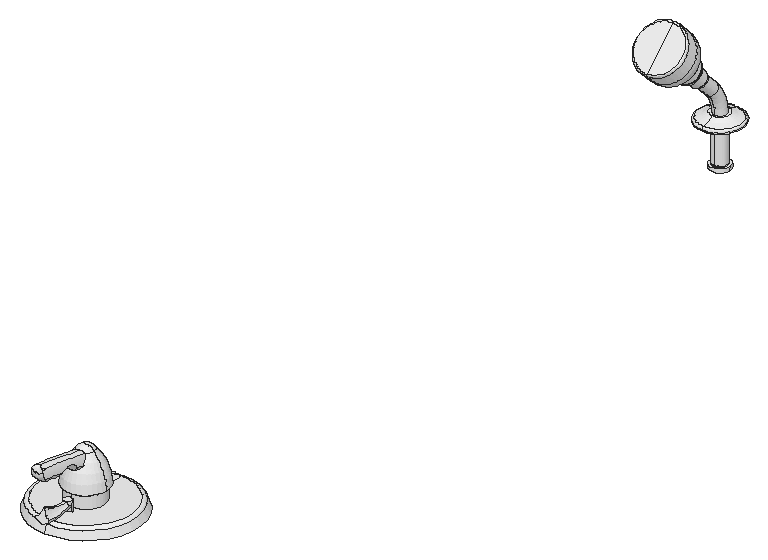
Revit family "S-9601-PLR-TRM", category Plumbing Fixtures, host Face, Revit 2019
Family settings
  Host = Face
  Round Connector Dimension = Use Diameter
  Part Type = Normal
  OmniClass Number = 23.65.70.11.11
  OmniClass Title = Fixtures for Liquids
  Cut with Voids When Loaded = No
  Shared = No
  Room Calculation Point = No
Parameters (values of type "1.2 GPM Flow Restrictor, Chrome")
  z Wide Lever = 0
  z Visibility = no
  z Valve = M Valve&diverter : Chrome
  z Type Model = 0
  z Type GPM = 0
  z Type Finish = 0
  z Type = 0
  z Slip On Tub = 0
  z Showerhead = shower head : Chrome
  z Reverse Core = 0
  z Pipe Radius = 0.000"
  z Overall Width = 0.000"
  z Overall Height = 0.000"
  z Overall Depth = 0.000"
  z Offset = 0.000"
  z Integral Service Stops = 0
  z Has Wide Lever Handle = no
  z Has Volume Control = no
  z Has Trim = no
  z Has Slip On Tub Spout = no
  z Has Showerhead = no
  z Has Reverse Core = no
  z Has Rebuild Kit Trim Only = no
  z Has Integral Service Stops = no
  z Has Check Stops = no
  z Has 2.0 GPM Flow Restrictor = no
  z Has 1.5 GPM Flow Restrictor = no
  z Has .5 Inch Female Connections = no
  z GPM Number = 0
  z GPM GPM = 0.000 GPM
  z Flow Rate = 0
  z Error Box Width = 0.000"
  z Error Box Height = 0.000"
  z Error Box Depth = 0.000"
  z .5 Inch Female Connections = 0
  z  Showerhead = 0
  Waste Connection = no
  Vent Connection = no
  URL = ""
  Product Material = Chrome - Symmons - Polished
  Model = ""
  Manufacturer = ""
  HW Connection = no
  Gallons Per Minute = 0.000 GPM
  Description = ""
  Default Elevation = 0.000"
  Date Modified = ""
  Date Created = ""
  CW Connection = no
Types (8): name | z Visibility | z Has Wide Lever Handle | z Has Volume Control | z Has Slip On Tub Spout | z Has Showerhead | z Has Reverse Core | z Has Integral Service Stops | z Has Check Stops | z Has 2.0 GPM Flow Restrictor | z Has 1.5 GPM Flow Restrictor | z Has .5 Inch Female Connections | Product Material | Gallons Per Minute
  1.2 GPM Flow Restrictor, Chrome | no | no | no | no | no | no | no | no | no | no | no | Chrome - Symmons - Polished | 0.000 GPM
  1.2 GPM Flow Restrictor, Satin Nickel | yes | yes | yes | yes | yes | yes | yes | yes | yes | yes | yes | Nickel - Symmons - Satin | 1.200 GPM
  1.5 GPM Flow Restrictor, Satin Nickel | yes | yes | yes | yes | yes | yes | yes | yes | yes | yes | yes | Nickel - Symmons - Satin | 1.500 GPM
  1.75 GPM Flow Restrictor, Satin Nickel | yes | yes | yes | yes | yes | yes | yes | yes | yes | yes | yes | Nickel - Symmons - Satin | 1.750 GPM
  2.0 GPM Flow Restrictor, Satin Nickel | yes | yes | yes | yes | yes | yes | yes | yes | yes | yes | yes | Nickel - Symmons - Satin | 0.000 GPM
  1.5 GPM Flow Restrictor, Chrome | yes | yes | yes | yes | yes | yes | yes | yes | yes | yes | yes | Chrome - Symmons - Polished | 1.500 GPM
  1.75 GPM Flow Restrictor, Chrome | yes | yes | yes | yes | yes | yes | yes | yes | yes | yes | yes | Chrome - Symmons - Polished | 1.750 GPM
  2.0 GPM Flow Restrictor, Chrome | yes | yes | yes | yes | yes | yes | yes | yes | yes | yes | yes | Chrome - Symmons - Polished | 2.000 GPM
Reference planes (in)
  plane 1 "Center (Front/Back)": y = 0
  plane 2 "Center (Elevation)": z = 0
  plane 3 "Center (Left/Right)": x = 0
  plane 4: x = -3.75
  plane 5: y = 28.5
  plane 6: x = 3.75
  plane 7: z = 0
  plane 8: z = 9.325
  plane 9: y = -12
  plane 10: y = 45
  plane 11: z = 0
Dimensions and locks (in)
  equal spacing: plane 4, plane 3 "Center (Left/Right)", plane 6
  plane 4 to plane 6 = 7.500"
  plane 5 to plane 1 "Center (Front/Back)" = 28.500"
  plane 7 to plane 2 "Center (Elevation)" = 0.000"
  plane 8 to plane 7 = 9.325"
  locked: plane 1 "Center (Front/Back)" to plane 9 at 12
  locked: plane 10 to plane 1 "Center (Front/Back)" at 45
  plane 11 to plane 7 = 0.000"
  plane 10 to plane 9 = 57.000"
  aligned and locked: plane 2 "Center (Elevation)" to host face
  aligned and locked: level to host face
Automatic sketch dimensions
  host sketch curve to host sketch curve = 7.44425"
  host sketch curve to host sketch curve = 60.71207"
Nested families (in)
  nested 1: "shower head" at (0, 44.98453, 0), type "Chrome"
    with z Pipe Radius 0.250", z Overall Width 2.500", z Overall Height 2.500", z Overall Depth 7.500", z Offset 1.000", Part Number "", Part Description "Single Mode Showerhead, 2.0 Flow Rate Restrictor, Chrome", Equipment Number ""
  nested 2: "M Valve&diverter" at (-0.00649, 0.06617, 0), type "Satin Nickel"
    with zz Length 9 4.000", zz Length 10 0.100", Part Number "3500-CYL-B", Part Description "Shower Valve System with Symmons Temptrol mixing valve,Chrome", Equipment Number ""
Connectors (in)
  piping at (0, 44.98453, -2.375), diameter 0.5
    settings: on nested 1, index 3, connector inside diameter 24", connector length 0.000", flow factor 0, pipe flow 0.000 GPM, pressure drop 0.00 psi, fitting loss kfactor 0, connector angle 0.000°, fixture units 0, engagement length 0.000", angle of deflection 0.000°, flow configuration 0, flow direction 1, fitting loss method 0, system type 29, joint type 0, gender type 0, connector reference index -1, connector utility 0, adjustable connector no, is connector primary yes, connector description "Shower Head Supply"
Definition of nested family "shower head"
  Parameters (values of type "Chrome")
    z Type GPM = 0
    z Type Flow Restrictor = 0
    z Type Finish = 0
    z Pipe Radius [instance] = 0.000"
    z Overall Width [instance] = 2.500"
    z Overall Height [instance] = 2.500"
    z Overall Depth [instance] = 7.500"
    z Offset [instance] = 1.000"
    z GPM Number = 0
    z GPM GPM = 0.000 GPM
    URL = ""
    Product Page URL = ""
    Product Material = none
    Product Documentation Link = ""
    Part Number [instance] = ""
    Part Description [instance] = ""
    Model Disclaimer = ""
    Model = ""
    Manufacturer = ""
    Gallons Per Minute = 0.000 GPM
    Family Version = ""
    Equipment Number [instance] = ""
    Equipment Abbreviation = ""
    Description = ""
    Default Elevation = 0.000"
    Date Modified = ""
    Date Created = ""
    Copyright = ""
  Types (2): name | z Pipe Radius
    Chrome | 0.000"
    Satin Nickel | 0.250"
  Reference planes (in)
    plane 1 "Center (Front/Back)": y = 0
    plane 2 "Center (Elevation)": z = 0
    plane 3 "Center (Left/Right)": x = 0
    plane 4: x = -1.25
    plane 5: y = 1.25
    plane 6: y = -1.25
    plane 7: x = 1.25
    plane 8: z = -1
    plane 9: z = 6.5
    plane 10: z = 0
    plane 11: y = -0.5
    plane 12: z = 0.33234
    plane 13: z = 0.15
    plane 14: y = -0.5695
  Forms (in)
    Extrusion 1, solid
      sketch origin (0, 0, 0) x (1, 0, 0) y (0, 1, 0)
        loop
          line (-1.75, 1.5) -> (-1.75, -1.77927) -> (1.52741, -1.77927) -> (1.52741, 1.5) -> (-1.75, 1.5)
      from 0 to -0.35383
    Revolve 2, solid, material <- "Product Material"
      sketch origin (0, 0, 0) x (0, 1, 0) y (0, 0, 1)
        loop
          line (0, 0.43) -> (-0.531, 0.43)
          arc (-0.531, 0.43) -> (-0.83077, 0.27718) -> (-1.152, 0.17705) r 1.98967
          arc (-1.152, 0.17705) -> (-1.22247, 0.13328) -> (-1.25, 0.05503) r 0.12497
          line (-1.25, 0.05503) -> (-1.25, 0) -> (-0.40524, 0) -> (-0.40524, -2.0983) -> (-0.37019, -2.11854) -> (-0.40524, -2.1364) -> (-0.40524, -2.16734) -> (-0.37033, -2.1875) -> (0, -2.1875) -> (0, 0.43)
        axis (0, -2.1875) -> (0, 0.43)
      angle from 0 to 360
    Revolve 3, solid, material <- "Product Material"
      sketch origin (0, 0, 0) x (0, 1, 0) y (0, 0, 1)
        loop
          line (-1.44893, 2.69442) -> (-4.27736, 5.52285) -> (-5.19512, 4.60509)
          arc (-5.19512, 4.60509) -> (-5.20669, 4.53512) -> (-5.17463, 4.47185) r 0.11397
          line (-5.17463, 4.47185) -> (-4.60328, 3.9005)
          arc (-4.60328, 3.9005) -> (-4.06, 3.55859) -> (-3.42138, 3.49354) r 1.40724
          arc (-3.42138, 3.49354) -> (-3.29656, 3.50007) -> (-3.18333, 3.44713) r 0.25784
          arc (-3.18333, 3.44713) -> (-3.16288, 3.42915) -> (-3.13674, 3.43676) r 0.02828
          line (-3.13674, 3.43676) -> (-3.09845, 3.47505) -> (-3.07648, 3.45308) -> (-3.11506, 3.4145) -> (-3.11506, 3.38343) -> (-3.08249, 3.416) -> (-3.02529, 3.4439) -> (-3.05483, 3.38834) -> (-3.03131, 3.36481) -> (-2.98876, 3.40736) -> (-2.96619, 3.38479) -> (-3.04685, 3.30413) -> (-2.85198, 3.10926) -> (-2.68557, 3.27567) -> (-2.66164, 3.24392) -> (-2.68364, 3.22193) -> (-2.636, 3.17429) -> (-2.67763, 3.13266) -> (-2.65558, 3.11061) -> (-2.7474, 3.01878)
          arc (-2.7474, 3.01878) -> (-2.70574, 3.00152) -> (-2.66407, 3.01878) r 0.05892
          line (-2.66407, 3.01878) -> (-2.54206, 3.14079)
          arc (-2.54206, 3.14079) -> (-2.44086, 3.09588) -> (-2.33184, 3.07652) r 0.45876
          line (-2.33184, 3.07652) -> (-2.26301, 3.00769) -> (-2.32244, 2.90048) -> (-1.92136, 2.49939) -> (-1.87345, 2.54729) -> (-1.85127, 2.52511) -> (-1.80643, 2.53464) -> (-1.81792, 2.49176) -> (-1.79616, 2.47) -> (-1.75329, 2.48149) -> (-1.76477, 2.43861) -> (-1.73476, 2.4086) -> (-1.44893, 2.69442)
        axis (-1.44893, 2.69442) -> (-4.27736, 5.52285)
      angle from 0 to 360
    Sweep 4, solid, material <- "Product Material"
      path origin (0, 0, 0) x (0, 1, 0) y (0, 0, 1)
        loop
          line (-1.4794, 2.72506) -> (-0.65089, 1.89655)
          arc (-0.65089, 1.89655) -> (-0.1891, 1.22379) -> (0, 0.43) r 2.23181
      profile origin (0, -1.06515, 2.3108) x (0, 0.707107, 0.707107) y (1, 0, 0)
        loop
          circle (-0.00012, 0) r 0.35413
    Extrusion 5, solid, material <- "Product Material"
      sketch origin (0, 0, 0) x (1, 0, 0) y (0, 1, 0)
        loop
          circle (0, 0) r 0.40524
        loop
          circle (0, 0) r 0.54462
      from -2.375 to -2.1875
  Lines and regions (in)
    Masking region 1
      outline origin (0, 0, 0) x (1, 0, 0) y (0, 0, 1)
        loop
          line (-1.25, 0) -> (-0.5, 0) -> (-0.5, -1) -> (0.5, -1) -> (0.5, 0) -> (1.25, 0) -> (1.25, 0.14959) -> (0.5695, 0.33234) -> (0.5, 0.33234) -> (0.5, 6.26256)
          spline (0.5, 6.26256) -> (0.53792, 6.27801) -> (0.5732, 6.29456) -> (0.60567, 6.31211) -> (0.63516, 6.33059) -> (0.66153, 6.3499) -> (0.68465, 6.36995) -> (0.70441, 6.39063) -> (0.72072, 6.41185) -> (0.73348, 6.43351) -> (0.74264, 6.45549) -> (0.74816, 6.47769) -> (0.75, 6.5)
          line (0.75, 6.5) -> (0.75, 7.07479) -> (1.25, 7.36347) -> (1.49591, 7.60938) -> (1.49591, 8.60938)
          spline (1.49591, 8.60938) -> (1.44494, 8.76866) -> (1.2955, 8.91709) -> (1.05777, 9.04454) -> (0.74795, 9.14235) -> (0.38717, 9.20383) -> (0, 9.2248) -> (-0.38717, 9.20383) -> (-0.74795, 9.14235) -> (-1.05777, 9.04454) -> (-1.2955, 8.91709) -> (-1.44494, 8.76866) -> (-1.49591, 8.60938)
          line (-1.49591, 8.60938) -> (-1.49591, 7.60938) -> (-1.25, 7.36347) -> (-0.75, 7.07479) -> (-0.75, 6.5)
          spline (-0.75, 6.5) -> (-0.74816, 6.47769) -> (-0.74264, 6.45549) -> (-0.73348, 6.43351) -> (-0.72072, 6.41185) -> (-0.70441, 6.39063) -> (-0.68465, 6.36995) -> (-0.66153, 6.3499) -> (-0.63516, 6.33059) -> (-0.60567, 6.31211) -> (-0.5732, 6.29456) -> (-0.53792, 6.27801) -> (-0.5, 6.26256)
          line (-0.5, 6.26256) -> (-0.5, 0.33234) -> (-0.5695, 0.33234) -> (-1.25, 0.14959) -> (-1.25, 0)
    symbolic lines, detail levels fine
      curve 1: line (-0.5, 0, 0.33234) -> (0.5, 0, 0.33234)
      curve 2: line (-1.25, 0, 0.14959) -> (1.25, 0, 0.14959)
      curve 3: spline (-0.5, 0, 6.26256) -> (-0.67885, 0, 6.36457) -> (-0.74948, 0, 6.48818) -> (-0.70063, 0, 6.61367) -> (-0.54008, 0, 6.72104) -> (-0.29343, 0, 6.79317) -> (0, 0, 6.81857) -> (0.29343, 0, 6.79317) -> (0.54008, 0, 6.72104) -> (0.70063, 0, 6.61367) -> (0.74948, 0, 6.48818) -> (0.67885, 0, 6.36457) -> (0.5, 0, 6.26256)
      curve 4: spline (-1.49591, 1.25, 7.60938) -> (-1.44494, 1.25, 7.80085) -> (-1.2955, 1.25, 7.97927) -> (-1.05777, 1.25, 8.13249) -> (-0.74795, 1.25, 8.25006) -> (-0.38717, 1.25, 8.32397) -> (0, 1.25, 8.34917) -> (0.38717, 1.25, 8.32397) -> (0.74795, 1.25, 8.25006) -> (1.05777, 1.25, 8.13249) -> (1.2955, 1.25, 7.97927) -> (1.44494, 1.25, 7.80085) -> (1.49591, 1.25, 7.60938)
      curve 5: spline (-0.5, 1.25, 6.5) -> (-0.48296, 1.25, 6.55497) -> (-0.43301, 1.25, 6.60619) -> (-0.35355, 1.25, 6.65017) -> (-0.25, 1.25, 6.68392) -> (-0.12941, 1.25, 6.70514) -> (0, 1.25, 6.71238) -> (0.12941, 1.25, 6.70514) -> (0.25, 1.25, 6.68392) -> (0.35355, 1.25, 6.65017) -> (0.43301, 1.25, 6.60619) -> (0.48296, 1.25, 6.55497) -> (0.5, 1.25, 6.5)
      curve 6: line (-0.5, 1.25, 6.5) -> (-0.5, 1.25, 6.26256)
      curve 7: line (0.5, 1.25, 6.5) -> (0.5, 1.25, 6.26256)
  Dimensions and locks (in)
    equal spacing: plane 4, plane 3 "Center (Left/Right)", plane 7
    "z Overall Width": plane 4 to plane 7
    equal spacing: plane 5, plane 1 "Center (Front/Back)", plane 6
    "z Overall Height": plane 5 to plane 6
    "z Overall Depth": plane 9 to plane 8
    plane 12 to plane 13 to plane 10 to plane 8 = 0.18234" locked, 0.150" locked, 1.000" locked
    plane 6 to plane 14 to plane 11 = 0.6805" locked, 0.0695" locked
    "z Offset": plane 2 "Center (Elevation)" to plane 8
    Masking region 1 sketch curve to Masking region 1 sketch curve to Masking region 1 sketch curve to Masking region 1 sketch curve to Masking region 1 sketch curve to plane 3 "Center (Left/Right)" to Masking region 1 sketch curve to Masking region 1 sketch curve to Masking region 1 sketch curve to Masking region 1 sketch curve to Masking region 1 sketch curve = 0.74591" locked, 0.1805" locked, 0.0695" locked, 0.000" locked, 0.500" locked, 0.500" locked, 0.000" locked, 0.0695" locked, 0.1805" locked, 0.74591" locked
    Masking region 1 sketch curve to Masking region 1 sketch curve to plane 2 "Center (Elevation)" = 0.000" locked, 0.33234" locked
    locked: curve 2 to plane 8 at 1.14959
    equal spacing: curve 1, plane 3 "Center (Left/Right)", curve 1
    locked: curve 1 to curve 1 at 1
    locked: curve 1 to plane 8 at 1.33234
    equal spacing: curve 3, plane 3 "Center (Left/Right)", curve 3
    locked: curve 3 to curve 3 at 1
    locked: curve 4 to plane 9 at 1.10938
    equal spacing: curve 4, plane 3 "Center (Left/Right)", curve 4
    locked: curve 4 to curve 4 at 2.99182
    curve 4 to curve 4 to plane 9 = 0.000" locked, 1.10938" locked
    Masking region 1 sketch curve to plane 9 to Masking region 1 sketch curve to Masking region 1 sketch curve to Masking region 1 sketch curve = 0.000" locked, 0.000" locked, 0.23744" locked, 0.000" locked
    plane 9 to curve 6 to curve 7 = 0.23744" locked, 0.000" locked
    aligned and locked: plane 2 "Center (Elevation)" to Extrusion 1
    aligned and locked: level to Extrusion 1
    aligned and locked: Revolve 2 sketch curve to plane 1 "Center (Front/Back)"
    aligned and locked: Masking region 1 sketch curve to plane 8
    aligned and locked: Masking region 1 sketch curve to plane 2 "Center (Elevation)"  (x2)
    aligned and locked: plane 7 to curve 2
    aligned and locked: plane 4 to curve 2
    aligned and locked: plane 9 to Masking region 1 sketch curve  (x2)
    aligned and locked: plane 3 "Center (Left/Right)" to Masking region 1 sketch curve  (x2)
    aligned and locked: plane 9 to curve 5  (x2)
    aligned and locked: plane 3 "Center (Left/Right)" to curve 5
    aligned and locked: plane 9 to curve 6
  Automatic sketch dimensions
    Extrusion 1 sketch curve to Extrusion 1 sketch curve = 3.27741"
    Extrusion 1 sketch curve to Extrusion 1 sketch curve = 3.27927"
    Masking region 1 sketch curve to plane 4 = 0.000"  (x2)
    Masking region 1 sketch curve to plane 7 = 0.000"  (x2)
    Masking region 1 sketch curve to Masking region 1 sketch curve = 0.14959"  (x2)
    Masking region 1 sketch curve to Masking region 1 sketch curve = 0.57479"  (x2)
    Masking region 1 sketch curve to Masking region 1 sketch curve = 0.28868"  (x2)
    Masking region 1 sketch curve to Masking region 1 sketch curve = 0.24591"  (x2)
    Masking region 1 sketch curve to Masking region 1 sketch curve = 1.000"
    curve 3 to plane 9 = 0.000"
    curve 3 to plane 3 "Center (Left/Right)" = 0.000"
    curve 3 to curve 3 = 0.250"
    curve 5 to curve 5 = 0.500"
    curve 3 to plane 9 = 0.23744"
    Revolve 2 sketch curve to level = 0.000"
    Revolve 2 sketch curve to plane 6 = 0.000"
    Revolve 2 sketch curve to plane 1 "Center (Front/Back)" = 0.000"
    Revolve 2 sketch curve to plane 6 = 0.33133"
    level to Revolve 2 sketch curve = 0.05503"
    plane 6 to Revolve 2 sketch curve = 0.12497"
    Revolve 2 sketch curve to plane 11 = 0.031"
    plane 11 to Revolve 2 sketch curve = 0.09476"
    Revolve 2 sketch curve to Revolve 2 sketch curve = 0.000"
    Revolve 2 sketch curve to Revolve 2 sketch curve = 0.03491"
    Revolve 2 sketch curve to plane 8 = 1.0983"
    Revolve 2 sketch curve to Revolve 2 sketch curve = 0.02016"
    plane 12 to Revolve 2 sketch curve = 0.09766"
    plane 12 to Revolve 2 sketch curve = 1.78751"
    Revolve 2 sketch curve to Revolve 2 sketch curve = 0.03505"
    Revolve 2 sketch curve to Revolve 2 sketch curve = 0.02024"
    Revolve 2 sketch curve to Revolve 2 sketch curve = 0.03095"
    Revolve 2 sketch curve to Revolve 2 sketch curve = 21.8125"
    plane 9 to Revolve 2 sketch curve = 79.77586"
    Revolve 2 sketch curve to Revolve 2 sketch curve = 0.03809"
    Revolve 3 sketch curve to plane 9 = 1.89491"
    Revolve 3 sketch curve to plane 6 = 3.94512"
    Revolve 3 sketch curve to plane 9 = 2.02815"
    Revolve 3 sketch curve to Revolve 3 sketch curve = 0.02049"
    Revolve 3 sketch curve to Revolve 3 sketch curve = 0.10108"
    Revolve 3 sketch curve to Revolve 3 sketch curve = 0.57135"  (x2)
    Revolve 3 sketch curve to plane 9 = 0.97715"  (x2)
    Revolve 3 sketch curve to Revolve 3 sketch curve = 0.81669"
    Revolve 3 sketch curve to Revolve 3 sketch curve = 0.67551"
    Revolve 3 sketch curve to Revolve 3 sketch curve = 1.25738"
    Revolve 3 sketch curve to Revolve 3 sketch curve = 0.18916"
    Revolve 3 sketch curve to Revolve 3 sketch curve = 0.020"  (x2)
    Revolve 3 sketch curve to Revolve 3 sketch curve = 0.02168"
    Revolve 3 sketch curve to Revolve 3 sketch curve = 0.03829"
    Revolve 3 sketch curve to Revolve 3 sketch curve = 0.03257"
    Revolve 3 sketch curve to Revolve 3 sketch curve = 0.02197"
    Revolve 3 sketch curve to Revolve 3 sketch curve = 0.02766"
    Revolve 3 sketch curve to Revolve 3 sketch curve = 0.00798"
    Revolve 3 sketch curve to Revolve 3 sketch curve = 0.02353"
    Revolve 3 sketch curve to Revolve 3 sketch curve = 0.05118"
    Revolve 3 sketch curve to Revolve 3 sketch curve = 0.03653"  (x2)
    Revolve 3 sketch curve to Revolve 3 sketch curve = 0.02257"
    Revolve 3 sketch curve to Revolve 3 sketch curve = 0.19487"
    Revolve 3 sketch curve to Revolve 3 sketch curve = 0.10458"
    Revolve 3 sketch curve to Revolve 3 sketch curve = 0.04167"  (x3)
    Revolve 3 sketch curve to Revolve 3 sketch curve = 0.02017"
    Revolve 3 sketch curve to Revolve 3 sketch curve = 0.00193"
    Revolve 3 sketch curve to Revolve 3 sketch curve = 0.02811"
    Revolve 3 sketch curve to Revolve 3 sketch curve = 0.02199"
    Revolve 3 sketch curve to Revolve 3 sketch curve = 0.02205"
    Revolve 3 sketch curve to Revolve 3 sketch curve = 0.04163"
    Revolve 3 sketch curve to Revolve 3 sketch curve = 0.09394"
    Revolve 3 sketch curve to Revolve 3 sketch curve = 0.21022"
    Revolve 3 sketch curve to Revolve 3 sketch curve = 0.0094"
    Revolve 3 sketch curve to Revolve 3 sketch curve = 0.35491"
    Revolve 3 sketch curve to Revolve 3 sketch curve = 0.06883"  (x2)
    Revolve 3 sketch curve to Revolve 3 sketch curve = 0.40108"
    Revolve 3 sketch curve to Revolve 3 sketch curve = 0.0479"
    Revolve 3 sketch curve to Revolve 3 sketch curve = 0.02219"
    Revolve 3 sketch curve to Revolve 3 sketch curve = 0.03334"  (x2)
    Revolve 3 sketch curve to Revolve 3 sketch curve = 0.01149"  (x2)
    Revolve 3 sketch curve to Revolve 3 sketch curve = 0.02176"  (x2)
    Revolve 3 sketch curve to Revolve 3 sketch curve = 0.03139"  (x2)
    Revolve 3 sketch curve to Revolve 3 sketch curve = 0.04287"  (x2)
    Revolve 3 sketch curve to Revolve 3 sketch curve = 0.03002"
    Revolve 3 sketch curve to plane 6 = 0.19893"
    Revolve 3 sketch curve to Revolve 3 sketch curve = 0.00763"
    Revolve 3 sketch curve to Revolve 3 sketch curve = 0.10722"
    Revolve 3 sketch curve to Revolve 3 sketch curve = 0.1183"
    Revolve 3 sketch curve to Revolve 3 sketch curve = 0.09048"
    Revolve 3 sketch curve to Revolve 3 sketch curve = 0.05016"
    Revolve 3 sketch curve to Revolve 3 sketch curve = 0.0335"
    Revolve 3 sketch curve to Revolve 3 sketch curve = 0.13773"
    Revolve 3 sketch curve to Revolve 3 sketch curve = 0.03175"
    Revolve 3 sketch curve to Revolve 3 sketch curve = 0.00491"
    Revolve 3 sketch curve to Revolve 3 sketch curve = 0.03106"
    Revolve 3 sketch curve to Revolve 3 sketch curve = 0.0015"
    Revolve 3 sketch curve to Revolve 3 sketch curve = 0.02226"
    Revolve 3 sketch curve to Revolve 3 sketch curve = 0.63369"
    Revolve 3 sketch curve to Revolve 3 sketch curve = 0.000"  (x3)
    Revolve 3 sketch curve to Revolve 3 sketch curve = 0.07548"
    Sweep 4 sketch curve to plane 1 "Center (Front/Back)" = 0.000"
    level to Sweep 4 sketch curve = 0.31842"
    Sweep 4 sketch curve to plane 6 = 0.97902"
    plane 6 to Sweep 4 sketch curve = 0.59911"
    Sweep 4 sketch curve to plane 6 = 0.2294"
    level to Sweep 4 sketch curve = 0.430"
    Sweep 4 sketch curve to Sweep 4 sketch curve = 0.82851"
    Sweep 4 sketch curve to plane 3 "Center (Left/Right)" = 0.000"
    profile plane to Sweep 4 sketch curve = 0.00012"
    Sweep 4 sketch curve to Sweep 4 sketch curve = 0.35413"
    Extrusion 5 sketch curve to Extrusion 5 sketch curve = 0.000"  (x2)
    plane 1 "Center (Front/Back)" to Extrusion 5 sketch curve = 0.000"
    Extrusion 5 sketch curve to plane 3 "Center (Left/Right)" = 0.000"
    radius of Extrusion 5 sketch curve = 0.40524"
    radius of Extrusion 5 sketch curve = 0.54462"
  Connectors (in)
    piping at (0, 0, -2.375), diameter 1.08
      settings: on Extrusion 5, index 1, connector inside diameter 24", connector length 0.000", flow factor 0, pipe flow 0.000 GPM, pressure drop 0.00 psi, fitting loss kfactor 0, connector angle 0.000°, fixture units 0, engagement length 0.000", angle of deflection 0.000°, flow configuration 0, flow direction 0, fitting loss method 0, system type 7, joint type 0, gender type 0, connector reference index -1, connector utility 0, adjustable connector no, is connector primary yes, connector description ""
Definition of nested family "M Valve&diverter"
  Parameters (values of type "Satin Nickel")
    zz Text 2 = "None Selected"
    zz Text 1 = "None Selected"
    zz Length 9 [instance] = 4.000"
    zz Length 10 [instance] = 0.100"
    URL = "http://www.symmons.com/"
    Product Page URL = "http://www.symmons.com/Bathroom-Products/Dia/Symmons-Dia-Shower-Valve-3500-CYL-B.aspx"
    Product Material = none
    Product Documentation Link = "http://www.symmons.com/~/media/Files/Symmons/Products/Dia/3500CYL_Dia_sub.pdf"
    Part Number [instance] = "3500-CYL-B"
    Part Description [instance] = "Shower Valve System with Symmons Temptrol mixing valve,Chrome"
    Model Disclaimer = "Contact Symmons Industries, Inc. For More Information"
    Model = "3500-CYL-B"
    Manufacturer = "Symmons Industries, Inc."
    Family Version = "1.0"
    Equipment Number [instance] = ""
    Equipment Abbreviation = "SVS"
    Description = "Shower Valve System with Symmons Temptrol mixing valve,Chrome"
    Default Elevation = 0.000"
    Date Modified = "January 30, 2015"
    Date Created = "January 30, 2015"
    Copyright = "©2015 Symmons Industries, Inc."
  Types (2): name | URL | Product Page URL | Product Documentation Link | Part Number | Part Description | Model Disclaimer | Model | Manufacturer | Family Version | Equipment Abbreviation | Description | Date Modified | Date Created | Copyright
    Chrome | "" | "" | "" | "" | "" | "" | "" | "" | "" | "" | "" | "" | "" | ""
    Satin Nickel | "http://www.symmons.com/" | "http://www.symmons.com/Bathroom-Products/Dia/Symmons-Dia-Shower-Valve-3500-CYL-B.aspx" | "http://www.symmons.com/~/media/Files/Symmons/Products/Dia/3500CYL_Dia_sub.pdf" | "3500-CYL-B" | "Shower Valve System with Symmons Temptrol mixing valve,Chrome" | "Contact Symmons Industries, Inc. For More Information" | "3500-CYL-B" | "Symmons Industries, Inc." | "1.0" | "SVS" | "Shower Valve System with Symmons Temptrol mixing valve,Chrome" | "January 30, 2015" | "January 30, 2015" | "©2015 Symmons Industries, Inc."
  Reference planes (in)
    plane 1 "Center (Front/Back)": y = 0
    plane 2 "Center (Elevation)": z = 0
    plane 3 "Center (Left/Right)": x = 0
    plane 4: x = -16
    plane 5: y = 3.75
    plane 6: y = -3.75
    plane 7: x = 16
    plane 8: z = 0
    plane 9: x = 3.25
    plane 10: x = -3.25
    plane 11: y = -5.75
  Forms (in)
    Extrusion 1, solid
      sketch origin (0, 0, 0) x (1, 0, 0) y (0, 1, 0)
        loop
          line (-3.25, 3.75) -> (-3.25, -3.75) -> (3.25, -3.75) -> (3.25, 3.75) -> (-3.25, 3.75)
      from 0 to -0.49403
  Dimensions and locks (in)
    equal spacing: plane 4, plane 3 "Center (Left/Right)", plane 7, locked at 16 each
    plane 4 to plane 7 = 32.000"
    equal spacing: plane 5, plane 1 "Center (Front/Back)", plane 6
    locked: plane 5 to plane 6 at 7.5
    equal spacing: plane 10, plane 3 "Center (Left/Right)", plane 9
    locked: plane 10 to plane 9 at 6.5
    locked: plane 6 to plane 11 at 2
    aligned and locked: plane 2 "Center (Elevation)" to Extrusion 1
    aligned and locked: level to Extrusion 1
  Automatic sketch dimensions
    Extrusion 1 sketch curve to Extrusion 1 sketch curve = 6.500"
    Extrusion 1 sketch curve to Extrusion 1 sketch curve = 7.500"
  Nested families (in)
    nested 1: "diverter" at (0, 0, 0), type "Chrome"
      with zz Length 9 0.000", zz Length 10 0.100", Part Number "3500-CYL-B", Part Description "Shower Valve System with Symmons Temptrol mixing valve,Chrome", Equipment Number ""
  Definition of nested family "diverter"
    Parameters (values of type "Satin Nickel")
      zz Text 2 = "None Selected"
      zz Text 1 = "None Selected"
      zz Length 9 [instance] = 0.000"  # constant formula
      zz Length 10 [instance] = 0.000"
      Waste Connection = no
      Vent Connection = no
      URL = ""
      Product Page URL = ""
      Product Material = none
      Product Documentation Link = ""
      Part Number [instance] = ""
      Part Description [instance] = ""
      Model Disclaimer = ""
      Model = ""
      Manufacturer = ""
      HW Connection = no
      Family Version = ""
      Equipment Number [instance] = ""
      Equipment Abbreviation = ""
      Description = ""
      Default Elevation = 0.000"  # constant formula
      Date Modified = ""
      Date Created = ""
      Copyright = ""
      CW Connection = no
    Types (3): name | zz Length 10 | URL | Product Page URL | Product Documentation Link | Part Number | Part Description | Model Disclaimer | Model | Manufacturer | Family Version | Equipment Abbreviation | Description | Date Modified | Date Created | Copyright
      Polished Chrome | 0.000" | "" | "" | "" | "" | "" | "" | "" | "" | "" | "" | "" | "" | "" | ""
      Satin Nickel | 0.000" | "" | "" | "" | "" | "" | "" | "" | "" | "" | "" | "" | "" | "" | ""
      Chrome | 0.100" | "http://www.symmons.com/" | "http://www.symmons.com/Bathroom-Products/Dia/Symmons-Dia-Shower-Valve-3500-CYL-B.aspx" | "http://www.symmons.com/~/media/Files/Symmons/Products/Dia/3500CYL_Dia_sub.pdf" | "3500-CYL-B" | "Shower Valve System with Symmons Temptrol mixing valve,Chrome" | "Contact Symmons Industries, Inc. For More Information" | "3500-CYL-B" | "Symmons Industries, Inc." | "1.0" | "SVS" | "Shower Valve System with Symmons Temptrol mixing valve,Chrome" | "January 30, 2015" | "January 30, 2015" | "©2015 Symmons Industries, Inc."
    Reference planes (in)
      plane 1 "Center (Front/Back)": y = 0
      plane 2 "Center (Elevation)": z = 0
      plane 3 "Center (Left/Right)": x = 0
      plane 4 "b1": y = -3.09246
      plane 5 "b2": y = -1.17246
    Forms (in)
      Extrusion 1, solid, material <- "Product Material", not visible
        sketch origin (0, 0, 0) x (1, 0, 0) y (0, 1, 0)
          loop
            line (-3.25, 3.75) -> (-3.25, -3.75) -> (3.25, -3.75) -> (3.25, 3.75) -> (-3.25, 3.75)
        from 0 to -0.49403
      Revolve 2, solid, material <- "Product Material"
        sketch origin (0, 0, 0) x (1, 0, 0) y (0, 0, 1)
          loop
            line (0, 1.32575) -> (0, 3.29294)
            arc (0, 3.29294) -> (-0.26223, 3.22792) -> (-0.46371, 3.04793) r 0.56132
            arc (-0.46371, 3.04793) -> (-0.97637, 2.2511) -> (-1.18004, 1.32575) r 2.68262
            line (-1.18004, 1.32575) -> (0, 1.32575)
          axis (0, 1.32575) -> (0, 3.29294)
        angle from 0 to 360
      Sweep 3, solid, material <- "Product Material"
        path origin (0, 0, 0) x (0, 1, 0) y (0, 0, 1)
          loop
            spline (-3.46104, 3.64859) -> (-2.7314, 3.54557) -> (-2.31762, 3.48227) -> (-2.05814, 3.43692) -> (-1.8128, 3.39104) -> (-1.56301, 3.34459) -> (-1.33191, 3.3037) -> (-1.12101, 3.26778) -> (-0.91375, 3.23067) -> (-0.69389, 3.18625) -> (-0.44827, 3.12911) -> (-0.15184, 3.03897) -> (0.27347, 2.83202)
        profile origin (0, -1.33191, 3.3037) x (0, 0.168931, 0.985628) y (1, 0, 0)
          loop
            arc (-0.82742, 0) -> (-0.75571, -0.21852) -> (-0.58525, -0.37291) r 0.44918
            arc (-0.58525, -0.37291) -> (-0.32566, -0.3437) -> (-0.07626, -0.26597) r 1.3764
            arc (-0.07626, -0.26597) -> (-0.01085, -0.14081) -> (0, 0) r 0.35132
            arc (0, 0) -> (-0.01085, 0.14081) -> (-0.07626, 0.26597) r 0.35132
            arc (-0.07626, 0.26597) -> (-0.32566, 0.3437) -> (-0.58525, 0.37291) r 1.3764
            arc (-0.58525, 0.37291) -> (-0.75571, 0.21852) -> (-0.82742, 0) r 0.44918
      Revolve 4, void
        sketch origin (0, 0, 0) x (0, 1, 0) y (0, 0, 1)
          loop
            arc (-0.95581, 2.28645) -> (-0.96929, 2.34342) -> (-0.98932, 2.39844) r 0.50162
            arc (-0.98932, 2.39844) -> (-1.40662, 2.81321) -> (-1.99486, 2.82526) r 0.79126
            line (-1.99486, 2.82526) -> (-2.55581, 2.71622)
            arc (-2.55581, 2.71622) -> (-2.71348, 2.71297) -> (-2.87024, 2.7302) r 1.21378
            arc (-2.87024, 2.7302) -> (-3.02083, 2.76634) -> (-3.16589, 2.82059) r 1.2673
            arc (-3.16589, 2.82059) -> (-3.37699, 3.01068) -> (-3.43607, 3.28854) r 0.45972
            arc (-3.43607, 3.28854) -> (-3.35265, 3.50817) -> (-3.1716, 3.6579) r 0.45972
            line (-3.1716, 3.6579) -> (-3.86299, 3.76709) -> (-4.02039, 2.77044) -> (-0.95581, 2.28645)
          axis (-0.79841, 3.2831) -> (-3.86299, 3.76709)
        angle from -75.816 to 75.039
      Revolve 5, solid, material <- "Product Material"
        sketch origin (0, 0, 0) x (0, 1, 0) y (0, 0, 1)
          loop
            line (0, 2.22775) -> (-0.16651, 2.22775) -> (-0.20247, 2.19179) -> (-0.20247, 1.69179) -> (-0.2295, 1.66476) -> (-0.2295, 1.57075) -> (-0.33051, 1.57075) -> (-0.33051, 1.45083) -> (-0.37303, 1.40831) -> (-0.37303, 1.37325) -> (-0.40664, 1.37325) -> (-0.48106, 1.29883) -> (-0.50016, 1.26575) -> (-0.96713, 1.26575)
            arc (-0.96713, 1.26575) -> (-1.00171, 1.25143) -> (-1.01603, 1.21685) r 0.0489
            line (-1.01603, 1.21685) -> (-1.01603, 0.54853) -> (-2.52384, 0.54853)
            arc (-2.52384, 0.54853) -> (-2.64884, 0.51387) -> (-2.73813, 0.41977) r 0.2427
            line (-2.73813, 0.41977) -> (-2.90773, 0) -> (-2.75674, 0) -> (-2.59168, 0.40853) -> (0, 0.40853) -> (0, 2.22775)
          axis (0, 2.22775) -> (0, 0)
        angle from 0 to 360
      SweptBlend 6, solid, material <- "Product Material"
        path origin (0, 0, 0) x (0, 1, 0) y (0, 0, 1)
          loop
            arc (-3.09282, 0.74881) -> (-2.1402, 0.57223) -> (-1.17226, 0.61452) r 4.27835
        profile origin (0, -3.09282, 0.74881) x (0, 0.292419, 0.95629) y (1, 0, 0)
          loop
            arc (0.57303, -0.03327) -> (0.57821, 0.00181) -> (0.5654, 0.03488) r 0.06949
            arc (0.5654, 0.03488) -> (0.29242, 0.15126) -> (0.08225, 0.36076) r 0.78406
            arc (0.08225, 0.36076) -> (0.04113, 0.36833) -> (0, 0.36076) r 0.11557
            arc (0, 0.36076) -> (-0.09235, 0.18825) -> (-0.14576, 0) r 0.91146
            arc (-0.14576, 0) -> (-0.09235, -0.18825) -> (0, -0.36076) r 0.91146
            arc (0, -0.36076) -> (0.04113, -0.36833) -> (0.08225, -0.36076) r 0.11557
            arc (0.08225, -0.36076) -> (0.29566, -0.14909) -> (0.57303, -0.03327) r 0.78406
        end profile origin (0, -1.17226, 0.61452) x (0, -0.156483, 0.987681) y (1, 0, 0)
          loop
            arc (0.35992, 0.08394) -> (0.30514, 0.12677) -> (0.25389, 0.17377) r 0.88406
            arc (0.25389, 0.17377) -> (0.20384, 0.19293) -> (0.15477, 0.17137) r 0.07051
            arc (0.15477, 0.17137) -> (0.12345, 0.08716) -> (0.10163, 0) r 0.81146
            arc (0.10163, 0) -> (0.12345, -0.08716) -> (0.15477, -0.17137) r 0.81146
            arc (0.15477, -0.17137) -> (0.20384, -0.19293) -> (0.25389, -0.17377) r 0.07051
            arc (0.25389, -0.17377) -> (0.30514, -0.12677) -> (0.35992, -0.08394) r 0.88406
            arc (0.35992, -0.08394) -> (0.39083, 0) -> (0.35992, 0.08394) r 0.12942
      Extrusion 7, solid, material <- "Product Material"
        sketch origin (0, 0, 0.00781) x (1, 0, 0) y (0, 1, 0)
          loop
            circle (0, -1.2535) r 0.22579
        from 0.41977 to 0.99554
    Cuts and joins
      Revolve 4 cuts Sweep 3
      joined: SweptBlend 6, Extrusion 7
    Dimensions and locks (in)
      aligned and locked: plane 2 "Center (Elevation)" to Extrusion 1
      aligned and locked: level to Extrusion 1
